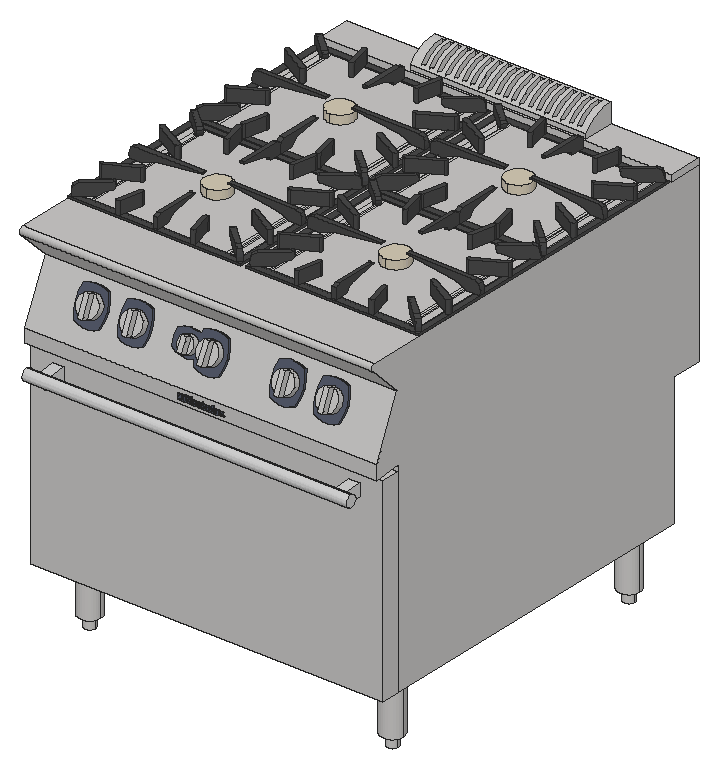
Revit family "QF_ELECTROLUXPROFESSIONAL_391005_E9GCGH4CG0", category Specialty Equipment, Revit 2018 (continued)
Automatic sketch dimensions
  Extrusion 13 sketch curve to Extrusion 1 = 0.775 mm
  Extrusion 1 to Extrusion 13 sketch curve = 0.1 mm
  Extrusion 15 sketch curve to plane 12 = 298.908 mm
  plane 5 "FRONT" to Extrusion 15 sketch curve = 18.336 mm
  Extrusion 15 sketch curve to Extrusion 15 sketch curve = 3.343 mm
  Extrusion 15 sketch curve to Extrusion 15 sketch curve = 2.066 mm
  Extrusion 15 sketch curve to Extrusion 15 sketch curve = 0 mm  (x2)
  Extrusion 15 sketch curve to Extrusion 15 sketch curve = 1.593 mm
  Extrusion 15 sketch curve to Extrusion 15 sketch curve = 5.756 mm
  Extrusion 15 sketch curve to Extrusion 15 sketch curve = 4.906 mm
  Extrusion 15 sketch curve to Extrusion 15 sketch curve = 5.312 mm
  plane 5 "FRONT" to Extrusion 15 sketch curve = 9.206 mm
  Extrusion 15 sketch curve to Extrusion 15 sketch curve = 11.3 mm
  Extrusion 15 sketch curve to Extrusion 15 sketch curve = 28.009 mm
  Extrusion 15 sketch curve to Extrusion 15 sketch curve = 2.83 mm
  Extrusion 16 sketch curve to plane 12 = 298.908 mm
  plane 5 "FRONT" to Extrusion 16 sketch curve = 18.336 mm
  Extrusion 16 sketch curve to Extrusion 16 sketch curve = 3.343 mm
  Extrusion 16 sketch curve to Extrusion 16 sketch curve = 2.066 mm
  Extrusion 16 sketch curve to Extrusion 16 sketch curve = 0 mm  (x2)
  Extrusion 16 sketch curve to Extrusion 16 sketch curve = 1.593 mm
  Extrusion 16 sketch curve to Extrusion 16 sketch curve = 5.756 mm
  Extrusion 16 sketch curve to Extrusion 16 sketch curve = 4.906 mm
  Extrusion 16 sketch curve to Extrusion 16 sketch curve = 5.312 mm
  plane 5 "FRONT" to Extrusion 16 sketch curve = 9.206 mm
  Extrusion 16 sketch curve to Extrusion 16 sketch curve = 11.3 mm
  Extrusion 16 sketch curve to Extrusion 16 sketch curve = 28.009 mm
  Extrusion 16 sketch curve to Extrusion 16 sketch curve = 11.2 mm
  plane 5 "FRONT" to Extrusion 19 sketch curve = 0 mm  (x2)
  plane 1 "BACK" to Extrusion 19 sketch curve = 0 mm
  Extrusion 19 sketch curve to plane 3 "LEFT" = 0 mm
  Extrusion 19 sketch curve to plane 4 "RIGHT" = 0 mm
  Extrusion 19 sketch curve to plane 3 "LEFT" = 100.013 mm
  Extrusion 19 sketch curve to Extrusion 19 sketch curve = 100.013 mm
  Extrusion 19 sketch curve to plane 1 "BACK" = 100.013 mm
  Extrusion 13 to Extrusion 17 sketch curve = 0 mm
  Extrusion 17 sketch curve to Extrusion 13 = 0 mm
  Extrusion 13 to Extrusion 17 sketch curve = 0.002 mm
  Extrusion 13 to Extrusion 17 sketch curve = 9.686 mm
  Extrusion 17 sketch curve to Extrusion 13 = 11.396 mm
  Extrusion 1 sketch curve to plane 5 "FRONT" = 7.973 mm
  Extrusion 1 sketch curve to plane 5 "FRONT" = 13.51 mm
  plane 14 to Extrusion 1 sketch curve = 57.381 mm
  Extrusion 15 sketch curve to plane 5 "FRONT" = 29.472 mm
  Extrusion 16 sketch curve to plane 5 "FRONT" = 29.472 mm
  plane 4 "RIGHT" to Revolve 3 sketch curve = 55.563 mm
  Revolve 3 sketch curve to Revolve 3 sketch curve = 0 mm
  plane 4 "RIGHT" to Revolve 4 sketch curve = 55.562 mm
  Revolve 4 sketch curve to Revolve 4 sketch curve = 0 mm
  Extrusion 9 sketch curve to Extrusion 9 sketch curve = 15.898 mm  (x2)
  plane 3 "LEFT" to Revolve 2 sketch curve = 30.162 mm
  Revolve 2 sketch curve to Revolve 2 sketch curve = 0 mm
  plane 3 "LEFT" to Revolve 5 sketch curve = 55.563 mm
  Revolve 5 sketch curve to Revolve 5 sketch curve = 0 mm
  Revolve 5 sketch curve to Revolve 5 sketch curve = 12.7 mm
  Revolve 5 sketch curve to Revolve 5 sketch curve = 25.4 mm
  Extrusion 9 sketch curve to Extrusion 9 sketch curve = 33.814 mm
  plane 5 "FRONT" to curve 1 = 0 mm
  curve 11 to plane 3 "LEFT" = 0 mm
  curve 8 to plane 4 "RIGHT" = 0 mm
  plane 5 "FRONT" to curve 11 = 0 mm
  curve 1 to plane 3 "LEFT" = 100.013 mm
  plane 4 "RIGHT" to curve 9 = 0.1 mm
  curve 2 to plane 4 "RIGHT" = 100.013 mm
  plane 17 to curve 9 = 0.132 mm
  curve 3 to plane 5 "FRONT" = 0.396 mm
  curve 10 to plane 5 "FRONT" = 1.407 mm
  plane 11 to curve 7 = 4.762 mm
  curve 2 to plane 1 "BACK" = 100.013 mm
  plane 19 to curve 13 = 25.075 mm
  plane 19 to curve 19 = 5.2 mm
  curve 22 to plane 19 = 20.2 mm
  curve 17 to plane 18 = 20.2 mm
  plane 18 to curve 23 = 5.2 mm
  plane 5 "FRONT" to curve 15 = 7.706 mm
  curve 15 to curve 15 = 19.875 mm
  curve 12 to curve 15 = 25.4 mm
  curve 17 to curve 17 = 23.508 mm
  curve 12 to curve 20 = 9.598 mm
  curve 18 to curve 17 = 7.706 mm
  curve 19 to curve 20 = 7.706 mm
  plane 1 "BACK" to curve 24 = 0 mm
  curve 24 to plane 19 = 144 mm
  plane 1 "BACK" to curve 105 = 6.761 mm
  curve 24 to curve 105 = 20.698 mm
  curve 104 to curve 103 = 9.296 mm
  curve 103 to curve 102 = 9.397 mm
  curve 100 to curve 99 = 9.296 mm
  curve 99 to curve 97 = 9.397 mm
  curve 97 to curve 98 = 9.296 mm
  curve 95 to curve 93 = 9.397 mm
  curve 93 to curve 94 = 9.296 mm
  curve 91 to curve 90 = 9.397 mm
  curve 89 to curve 87 = 9.296 mm
  curve 87 to curve 85 = 9.397 mm
  curve 84 to curve 84 = 9.296 mm
  curve 83 to curve 80 = 9.397 mm
  curve 81 to curve 82 = 9.296 mm
  curve 79 to curve 78 = 9.397 mm
  curve 76 to curve 76 = 9.296 mm
  curve 75 to curve 72 = 9.397 mm
  curve 72 to curve 72 = 9.296 mm
  curve 71 to curve 68 = 9.397 mm
  curve 67 to plane 7 "Center Y" = 1.823 mm
  plane 7 "Center Y" to curve 65 = 7.574 mm
  curve 64 to curve 64 = 9.296 mm
  curve 63 to curve 61 = 9.397 mm
  curve 61 to curve 59 = 9.296 mm
  curve 59 to curve 57 = 9.397 mm
  curve 57 to curve 55 = 9.296 mm
  curve 55 to curve 53 = 9.397 mm
  curve 53 to curve 51 = 9.296 mm
  curve 51 to curve 48 = 9.397 mm
  curve 49 to curve 47 = 9.296 mm
  curve 47 to curve 45 = 9.397 mm
  curve 45 to curve 46 = 9.296 mm
  curve 43 to curve 41 = 9.397 mm
  curve 41 to curve 42 = 9.296 mm
  curve 39 to curve 37 = 9.397 mm
  curve 37 to curve 38 = 9.296 mm
  curve 35 to curve 32 = 9.397 mm
  curve 33 to curve 31 = 9.296 mm
  curve 31 to curve 28 = 9.397 mm
  curve 29 to curve 27 = 9.296 mm
  curve 30 to curve 26 = 14.847 mm
  plane 11 to curve 26 = 11.113 mm
  plane 11 to curve 104 = 17.052 mm
  plane 11 to curve 100 = 17.052 mm
  curve 100 to curve 96 = 0 mm
  curve 25 to curve 27 = 5.939 mm
  curve 95 to curve 93 = 0 mm
  curve 31 to curve 28 = 0 mm
  curve 91 to curve 89 = 0 mm
  curve 35 to curve 32 = 0 mm
  curve 87 to curve 85 = 0 mm
  curve 39 to curve 36 = 0 mm
  curve 83 to curve 81 = 0 mm
  curve 43 to curve 40 = 0 mm
  curve 79 to curve 77 = 0 mm
  curve 47 to curve 44 = 0 mm
  curve 75 to curve 73 = 0 mm
  curve 51 to curve 48 = 0 mm
  curve 71 to curve 69 = 0 mm
  curve 55 to curve 52 = 0 mm
  curve 67 to curve 65 = 0 mm
  curve 59 to curve 56 = 0 mm
  plane 1 "BACK" to curve 62 = 6.761 mm
  plane 1 "BACK" to curve 63 = 6.761 mm
  plane 1 "BACK" to curve 58 = 6.761 mm
  plane 1 "BACK" to curve 54 = 6.761 mm
  plane 1 "BACK" to curve 69 = 6.761 mm
  plane 1 "BACK" to curve 71 = 6.761 mm
  plane 1 "BACK" to curve 50 = 6.761 mm
  plane 1 "BACK" to curve 75 = 6.761 mm
  plane 1 "BACK" to curve 46 = 6.761 mm
  plane 1 "BACK" to curve 79 = 6.761 mm
  plane 1 "BACK" to curve 42 = 6.761 mm
  plane 1 "BACK" to curve 38 = 6.761 mm
  plane 1 "BACK" to curve 85 = 6.761 mm
  plane 1 "BACK" to curve 34 = 6.761 mm
  plane 1 "BACK" to curve 89 = 6.761 mm
  plane 1 "BACK" to curve 91 = 6.761 mm
  plane 1 "BACK" to curve 30 = 6.761 mm
  plane 1 "BACK" to curve 95 = 6.761 mm
  plane 1 "BACK" to curve 101 = 6.761 mm
  radius of Extrusion 10 sketch curve = 25.4 mm  (x5)
  radius of Extrusion 10 sketch curve = 19.05 mm
  radius of Extrusion 11 sketch curve to Extrusion 10 = 0 mm  (x6)
  radius of Extrusion 14 sketch curve to Extrusion 16 = 0 mm
  radius of Extrusion 18 sketch curve = 6.4 mm  (x2)
Nested families
  nested 1: "371009_BURNER" at (393.7, -440.488, 0) x (-1, 0, 0) z (0, 0, 1), type "371009_BURNER"
    with Type Mark "", Status "", Specification by User "", Revision Code "", Item Number "", Installed By "", Identify Quantity as Lot yes, Furnished By "", Foodservice Equipment Identifier yes
  nested 2: "371009_BURNER" at (393.7, -440.488, 0) x (-1, 0, 0) z (0, 0, 1), type "371009_BURNER"
    with Type Mark "", Status "", Specification by User "", Revision Code "", Item Number "", Installed By "", Identify Quantity as Lot yes, Furnished By "", Foodservice Equipment Identifier yes
  nested 3: "371009_BURNER" at (406.4, -440.488, 0), type "371009_BURNER"
    with Type Mark "", Status "", Specification by User "", Revision Code "", Item Number "", Installed By "", Identify Quantity as Lot yes, Furnished By "", Foodservice Equipment Identifier yes
  nested 4: "371009_BURNER" at (406.4, -440.488, 0), type "371009_BURNER"
    with Type Mark "", Status "", Specification by User "", Revision Code "", Item Number "", Installed By "", Identify Quantity as Lot yes, Furnished By "", Foodservice Equipment Identifier yes
Connectors
  piping at (749.3, -665.163, 128.587), diameter 12.8
    settings: on Extrusion 18, index 1, connector inside diameter 0.50394", connector length 0 mm, flow factor 0, pipe flow 0 GPM, pressure drop 0.00 psi, fitting loss kfactor 0, connector angle 0.00°, fixture units 0, engagement length 0 mm, angle of deflection 0.00°, flow configuration 1, flow direction 1, fitting loss method 0, system type 7, joint type 0, gender type 0, connector reference index -1, connector utility 0, adjustable connector no, is connector primary yes, connector description "GAS CONNECTION"
Definition of nested family "371009_BURNER"
  Parameters
    Weight in Pounds = 0
    URL Cutsheet = ""
    URL = "www.electrolux.com"
    Type Mark [instance] = ""
    Status [instance] = ""
    Specification by User [instance] = ""
    Specification by Manufacturer = ""
    Show Clearance [instance] = yes
    Serial Number = ""
    Seismic Rating = ""
    SMACNA No = ""
    Revision Code [instance] = ""
    Omniclass Number and Title = ""
    NAFEM Spec ID Number = ""
    Model = "371009"
    Masterspec = ""
    Manufacturer = "ELECTROLUX"
    Item Number [instance] = ""
    Installed By [instance] = ""
    Identify Quantity as Lot [instance] = yes
    Furnished By [instance] = ""
    Foodservice Equipment Identifier [instance] = yes
    Description = ""
    CSI MasterFormat = ""
    CSI Master Format = ""
  Reference planes
    plane 1 "BACK": y = 0
    plane 2: z = 0
    plane 3 "LEFT": x = 0
    plane 4 "RIGHT": x = 393.7
    plane 5 "FRONT": y = -355.6
    plane 6 "TOP": z = 908.85
    plane 7 "Center Y": x = 196.85
    plane 8 "Center X": y = -177.8
    plane 9 "Base": z = 150
    plane 10: z = 850.85
  Forms (mm)
    Extrusion 1, solid
      sketch origin (-6.433, -404.961, 5) x (1, 0, 0) y (0, 0, -1)
        loop
          arc (7.142, -850.85) -> (6.739, -862.989) -> (9.761, -874.752) r 42.809
          line (9.761, -874.752) -> (19.961, -879.425) -> (173.122, -879.425)
          arc (173.122, -879.425) -> (174.316, -878.312) -> (173.289, -877.043) r 1.197
          line (173.289, -877.043) -> (64.848, -864.021)
          arc (64.848, -864.021) -> (50.111, -858.738) -> (36.589, -850.85) r 85.245
          line (36.589, -850.85) -> (7.142, -850.85)
        loop
          line (399.424, -850.85) -> (369.977, -850.85)
          arc (369.977, -850.85) -> (356.455, -858.738) -> (341.718, -864.021) r 85.245
          line (341.718, -864.021) -> (233.277, -877.043)
          arc (233.277, -877.043) -> (232.25, -878.312) -> (233.444, -879.425) r 1.197
          line (233.444, -879.425) -> (386.605, -879.425) -> (396.806, -874.752)
          arc (396.806, -874.752) -> (399.827, -862.989) -> (399.424, -850.85) r 42.809
      from 224.564 to 234.564
    Extrusion 2, solid
      sketch origin (196.85, 175.397, 1219.2) x (0, 1, 0) y (0, 0, 1)
        loop
          line (-204.463, -363.35) -> (-175.397, -363.35) -> (-175.397, -339.506)
          arc (-175.397, -339.506) -> (-181.025, -338.266) -> (-185.611, -334.775) r 13.39
          line (-185.611, -334.775) -> (-278.903, -334.775)
          arc (-278.903, -334.775) -> (-280.097, -335.888) -> (-279.07, -337.157) r 1.197
          line (-279.07, -337.157) -> (-227.151, -347.464)
          arc (-227.151, -347.464) -> (-213.741, -352.457) -> (-204.463, -363.35) r 28.426
        loop
          arc (-496.332, -363.35) -> (-487.053, -352.457) -> (-473.644, -347.464) r 28.426
          line (-473.644, -347.464) -> (-421.725, -337.157)
          arc (-421.725, -337.157) -> (-420.697, -335.888) -> (-421.891, -334.775) r 1.197
          line (-421.891, -334.775) -> (-515.184, -334.775)
          arc (-515.184, -334.775) -> (-519.769, -338.266) -> (-525.397, -339.506) r 13.39
          line (-525.397, -339.506) -> (-525.397, -363.35) -> (-496.332, -363.35)
      from -5 to 5
    Extrusion 3, solid
      sketch origin (-6.433, 367.064, 850.85) x (0, -1, 0) y (1, 0, 0)
        loop
          line (722.664, 6.433) -> (722.664, 400.133) -> (367.064, 400.133) -> (367.064, 6.433) -> (722.664, 6.433)
        loop
          line (382.064, 21.433) -> (707.664, 21.433) -> (707.664, 385.133) -> (382.064, 385.133) -> (382.064, 21.433)
      from 0 to 5
    Extrusion 4, solid
      sketch origin (-18.933, 367.064, 855.85) x (0, -1, 0) y (1, 0, 0)
        loop
          circle (541.667, 215.783) r 30
      from -1.321 to 17.134
    Extrusion 5, solid
      sketch origin (-6.433, -367.064, 0) x (1, 0, 0) y (0, 0, -1)
        loop
          line (21.433, -855.85) -> (36.589, -855.85)
          arc (36.589, -855.85) -> (40.561, -855.243) -> (44.305, -853.783) r 18.259
          arc (44.305, -853.783) -> (45.997, -853.366) -> (47.69, -853.783) r 3.649
          arc (47.69, -853.783) -> (49.901, -854.522) -> (52.232, -854.529) r 7.328
          line (52.232, -854.529) -> (354.334, -854.529)
          arc (354.334, -854.529) -> (356.666, -854.522) -> (358.877, -853.783) r 7.328
          arc (358.877, -853.783) -> (360.569, -853.366) -> (362.261, -853.783) r 3.649
          arc (362.261, -853.783) -> (366.005, -855.243) -> (369.977, -855.85) r 18.259
          line (369.977, -855.85) -> (385.133, -855.85) -> (385.133, -850.85) -> (21.433, -850.85) -> (21.433, -855.85)
      from 26.464 to 352.064
    Extrusion 6, solid
      sketch origin (83.284, -458.334, 5) x (0.742103, 0.670286, 0) y (0, 0, -1)
        loop
          arc (88.629, -864.012) -> (73.909, -858.731) -> (60.402, -850.85) r 85.245
          line (60.402, -850.85) -> (14.993, -850.85)
          arc (14.993, -850.85) -> (14.642, -862.948) -> (17.686, -874.663) r 42.876
          line (17.686, -874.663) -> (27.899, -879.425) -> (89.664, -879.425)
          arc (89.664, -879.425) -> (92.39, -878.352) -> (93.654, -875.709) r 4
          arc (93.654, -875.709) -> (92.562, -869.25) -> (88.629, -864.012) r 13.87
        loop
          arc (457.638, -864.012) -> (453.704, -869.25) -> (452.613, -875.709) r 13.87
          arc (452.613, -875.709) -> (453.876, -878.352) -> (456.603, -879.425) r 4
          line (456.603, -879.425) -> (518.367, -879.425) -> (528.581, -874.663)
          arc (528.581, -874.663) -> (531.624, -862.948) -> (531.273, -850.85) r 42.876
          line (531.273, -850.85) -> (485.865, -850.85)
          arc (485.865, -850.85) -> (472.357, -858.731) -> (457.638, -864.012) r 85.245
      from 127.064 to 137.064
    Extrusion 7, solid
      sketch origin (310.416, -458.334, 5) x (-0.742103, 0.670286, 0) y (0, 0, 1)
        loop
          arc (88.629, 864.012) -> (92.562, 869.25) -> (93.654, 875.709) r 13.87
          arc (93.654, 875.709) -> (92.39, 878.352) -> (89.664, 879.425) r 4
          line (89.664, 879.425) -> (27.899, 879.425) -> (17.686, 874.663)
          arc (17.686, 874.663) -> (14.642, 862.948) -> (14.993, 850.85) r 42.876
          line (14.993, 850.85) -> (60.402, 850.85)
          arc (60.402, 850.85) -> (73.909, 858.731) -> (88.629, 864.012) r 85.245
        loop
          arc (457.638, 864.012) -> (472.357, 858.731) -> (485.865, 850.85) r 85.245
          line (485.865, 850.85) -> (531.273, 850.85)
          arc (531.273, 850.85) -> (531.624, 862.948) -> (528.581, 874.663) r 42.876
          line (528.581, 874.663) -> (518.367, 879.425) -> (456.603, 879.425)
          arc (456.603, 879.425) -> (453.876, 878.352) -> (452.613, 875.709) r 4
          arc (452.613, 875.709) -> (453.704, 869.25) -> (457.638, 864.012) r 13.87
      from 127.064 to 137.064
    Extrusion 8, solid
      sketch origin (-6.433, 367.064, 855.85) x (0, -1, 0) y (1, 0, 0)
        loop
          arc (626.166, 9.428) -> (632.956, 7.454) -> (634.93, 14.244) r 5
          line (634.93, 14.244) -> (600.514, 76.878)
          arc (600.514, 76.878) -> (593.724, 78.852) -> (591.75, 72.062) r 5
          line (591.75, 72.062) -> (626.166, 9.428)
        loop
          line (463.562, 9.428) -> (497.977, 72.062)
          arc (497.977, 72.062) -> (496.003, 78.852) -> (489.213, 76.878) r 5
          line (489.213, 76.878) -> (454.798, 14.244)
          arc (454.798, 14.244) -> (456.772, 7.454) -> (463.562, 9.428) r 5
        loop
          line (626.166, 397.138) -> (591.75, 334.504)
          arc (591.75, 334.504) -> (593.724, 327.714) -> (600.514, 329.689) r 5
          line (600.514, 329.689) -> (634.93, 392.323)
          arc (634.93, 392.323) -> (632.956, 399.113) -> (626.166, 397.138) r 5
        loop
          arc (463.562, 397.138) -> (456.772, 399.113) -> (454.798, 392.323) r 5
          line (454.798, 392.323) -> (489.213, 329.689)
          arc (489.213, 329.689) -> (496.003, 327.714) -> (497.977, 334.504) r 5
          line (497.977, 334.504) -> (463.562, 397.138)
        loop
          line (715.14, 293.499) -> (666.703, 282.317)
          arc (666.703, 282.317) -> (662.956, 276.32) -> (668.953, 272.573) r 5
          line (668.953, 272.573) -> (717.389, 283.756)
          arc (717.389, 283.756) -> (721.136, 289.752) -> (715.14, 293.499) r 5
        loop
          arc (715.14, 113.067) -> (721.136, 116.814) -> (717.389, 122.811) r 5
          line (717.389, 122.811) -> (668.953, 133.993)
          arc (668.953, 133.993) -> (662.956, 130.246) -> (666.703, 124.249) r 5
          line (666.703, 124.249) -> (715.14, 113.067)
        loop
          arc (374.588, 293.499) -> (368.591, 289.752) -> (372.338, 283.756) r 5
          line (372.338, 283.756) -> (420.775, 272.573)
          arc (420.775, 272.573) -> (426.771, 276.32) -> (423.024, 282.317) r 5
          line (423.024, 282.317) -> (374.588, 293.499)
        loop
          line (374.588, 113.067) -> (423.024, 124.249)
          arc (423.024, 124.249) -> (426.771, 130.246) -> (420.775, 133.993) r 5
          line (420.775, 133.993) -> (372.338, 122.811)
          arc (372.338, 122.811) -> (368.591, 116.814) -> (374.588, 113.067) r 5
      from 0 to 28.575
  Lines and regions (mm)
    symbolic lines
      curve 1: line (0, -355.6, 150) -> (393.7, -355.6, 150)
      curve 2: line (0, 0, 150) -> (0, -355.6, 150)
      curve 3: line (393.7, -355.6, 150) -> (393.7, 0, 150)
      curve 4: line (369.633, -15, 150) -> (285.34, -15, 150)
      curve 5: line (24.067, -340.6, 150) -> (108.36, -340.6, 150)
      curve 6: line (157.475, -170.397, 150) -> (157.475, -15, 150)
      curve 7: line (236.225, -170.397, 150) -> (236.225, -15, 150)
      curve 8: line (201.85, -350, 150) -> (201.85, -176.674, 150)
      curve 9: line (0, -180.397, 150) -> (167.224, -180.397, 150)
      curve 10: line (393.7, -170.397, 150) -> (228.275, -170.397, 150)
      curve 11: line (15, -180.397, 150) -> (15, -252.506, 150)
      curve 12: line (45.799, -340.6, 150) -> (45.799, -320.971, 150)
      curve 13: line (167.224, -170.397, 150) -> (0, -170.397, 150)
      curve 14: line (228.275, -180.504, 150) -> (393.7, -180.504, 150)
      curve 15: arc (228.275, -170.397, 150) -> (223.221, -175.45, 150) -> (228.275, -180.504, 150) r 5.054
      curve 16: arc (167.224, -170.397, 150) -> (172.224, -175.397, 150) -> (167.224, -180.397, 150) r 5
      curve 17: line (191.85, -176.674, 150) -> (191.85, -350, 150)
      curve 18: line (201.85, -134.556, 150) -> (201.85, -0.794, 150)
      curve 19: arc (201.85, -176.674, 150) -> (196.85, -171.674, 150) -> (191.85, -176.674, 150) r 5
      curve 20: arc (201.85, -134.556, 150) -> (196.85, -139.556, 150) -> (191.85, -134.556, 150) r 5
      curve 21: line (191.85, -15, 150) -> (118.623, -15, 150)
      curve 22: arc (201.85, -29.042, 150) -> (213.272, -50.008, 150) -> (201.85, -70.973, 150) r 24.953
      curve 23: arc (213.086, -53.048, 150) -> (214.5, -50.008, 150) -> (213.086, -46.967, 150) r 3.975
      curve 24: arc (191.85, -29.852, 150) -> (181.339, -50.008, 150) -> (191.85, -70.163, 150) r 24.58
      curve 25: arc (181.527, -53.042, 150) -> (179.976, -50.008, 150) -> (181.527, -46.973, 150) r 3.745
      curve 26: line (191.85, -0.794, 150) -> (191.85, -134.556, 150)
      curve 27: line (191.85, -350, 150) -> (201.85, -350, 150)
      curve 28: line (191.85, -11.007, 150) -> (201.85, -11.007, 150)
      curve 29: line (191.85, -0.794, 150) -> (201.85, -0.794, 150)
      curve 30: line (201.85, -340.6, 150) -> (275.077, -340.6, 150)
      curve 31: arc (196.85, -145.397, 0) -> (166.955, -172.888, 0) -> (191.85, -204.977, 0) r 30
      curve 32: arc (201.85, -204.977, 0) -> (226.745, -172.888, 0) -> (196.85, -145.397, 0) r 30
      curve 33: arc (158.678, -180.397, 0) -> (170.734, -200.207, 0) -> (191.85, -209.795, 0) r 39.375
      curve 34: line (163.825, -170.397, 150) -> (163.825, -15, 150)
      curve 35: line (229.875, -170.397, 150) -> (229.875, -15, 150)
      curve 36: line (144.775, -170.397, 150) -> (144.775, -15, 150)
      curve 37: line (248.925, -170.397, 150) -> (248.925, -15, 150)
      curve 38: arc (145.678, -180.397, 0) -> (161.728, -209.187, 0) -> (191.85, -222.573, 0) r 52.075
      curve 39: arc (201.85, -209.795, 0) -> (222.966, -200.207, 0) -> (235.022, -180.397, 0) r 39.375
      curve 40: arc (201.85, -222.573, 0) -> (231.931, -209.224, 0) -> (248.001, -180.504, 0) r 52.075
      curve 41: line (393.7, 0, 0) -> (0, 0, 0)
      curve 42: line (70.445, -122.149, 0) -> (7.81, -87.734, 0)
      curve 43: arc (7.81, -87.734, 0) -> (1.021, -89.708, 0) -> (2.995, -96.498, 0) r 5
      curve 44: line (2.995, -96.498, 0) -> (65.629, -130.914, 0)
      curve 45: arc (65.629, -130.914, 0) -> (72.419, -128.939, 0) -> (70.445, -122.149, 0) r 5
      curve 46: line (65.629, -224.686, 0) -> (2.995, -259.102, 0)
      curve 47: arc (2.995, -259.102, 0) -> (1.021, -265.892, 0) -> (7.81, -267.866, 0) r 5
      curve 48: line (7.81, -267.866, 0) -> (70.445, -233.451, 0)
      curve 49: arc (70.445, -233.451, 0) -> (72.419, -226.661, 0) -> (65.629, -224.686, 0) r 5
      curve 50: line (323.255, -122.149, 0) -> (385.89, -87.734, 0)
      curve 51: arc (385.89, -87.734, 0) -> (392.679, -89.708, 0) -> (390.705, -96.498, 0) r 5
      curve 52: line (390.705, -96.498, 0) -> (328.071, -130.914, 0)
      curve 53: arc (328.071, -130.914, 0) -> (321.281, -128.939, 0) -> (323.255, -122.149, 0) r 5
      curve 54: line (328.071, -224.686, 0) -> (390.705, -259.102, 0)
      curve 55: arc (390.705, -259.102, 0) -> (392.679, -265.892, 0) -> (385.89, -267.866, 0) r 5
      curve 56: line (385.89, -267.866, 0) -> (323.255, -233.451, 0)
      curve 57: arc (323.255, -233.451, 0) -> (321.281, -226.661, 0) -> (328.071, -224.686, 0) r 5
      curve 58: line (118.623, -340.6, 150) -> (191.85, -340.6, 150)
      curve 59: line (285.34, -340.6, 150) -> (369.633, -340.6, 150)
      curve 60: line (378.7, -335.314, 0) -> (378.7, -263.916, 0)
      curve 61: line (1.326, -7.935, 0) -> (58.752, -59.804, 0)
      curve 62: line (65.455, -52.383, 0) -> (8.029, -0.514, 0)
      curve 63: arc (58.752, -59.804, 0) -> (65.814, -59.445, 0) -> (65.455, -52.383, 0) r 5
      curve 64: line (1.326, -7.935, 0) -> (8.029, -0.514, 0)
      curve 65: line (392.374, -7.935, 0) -> (334.948, -59.804, 0)
      curve 66: line (328.245, -52.383, 0) -> (385.671, -0.514, 0)
      curve 67: arc (334.948, -59.804, 0) -> (327.886, -59.445, 0) -> (328.245, -52.383, 0) r 5
      curve 68: line (392.374, -7.935, 0) -> (385.671, -0.514, 0)
      curve 69: line (392.374, -347.665, 0) -> (334.948, -295.796, 0)
      curve 70: line (328.245, -303.217, 0) -> (385.671, -355.086, 0)
      curve 71: arc (334.948, -295.796, 0) -> (327.886, -296.155, 0) -> (328.245, -303.217, 0) r 5
      curve 72: line (392.374, -347.665, 0) -> (385.671, -355.086, 0)
      curve 73: line (1.326, -347.665, 0) -> (58.752, -295.796, 0)
      curve 74: line (65.455, -303.217, 0) -> (8.029, -355.086, 0)
      curve 75: arc (58.752, -295.796, 0) -> (65.814, -296.155, 0) -> (65.455, -303.217, 0) r 5
      curve 76: line (1.326, -347.665, 0) -> (8.029, -355.086, 0)
      curve 77: line (347.901, -15, 0) -> (347.901, -34.629, 0)
      curve 78: line (347.901, -320.971, 0) -> (347.901, -340.6, 0)
      curve 79: line (378.7, -252.506, 0) -> (378.7, -180.397, 0)
      curve 80: line (347.901, -246.993, 0) -> (347.901, -307.496, 0)
      curve 81: line (378.7, -170.397, 0) -> (378.7, -103.094, 0)
      curve 82: line (347.901, -180.397, 0) -> (347.901, -235.582, 0)
      curve 83: line (378.7, -91.684, 0) -> (378.7, -20.286, 0)
      curve 84: line (347.901, -120.018, 0) -> (347.901, -170.397, 0)
      curve 85: line (347.901, -48.104, 0) -> (347.901, -108.607, 0)
      curve 86: line (275.077, -15, 150) -> (201.85, -15, 150)
      curve 87: line (108.36, -15, 150) -> (24.067, -15, 150)
      curve 88: line (45.799, -40, 150) -> (45.799, -15, 150)
      curve 89: line (45.799, -108.607, 150) -> (45.799, -40, 150)
      curve 90: line (15, -20.286, 0) -> (15, -91.684, 0)
      curve 91: line (15, -103.094, 0) -> (15, -170.397, 0)
      curve 92: line (45.799, -170.397, 150) -> (45.799, -120.018, 150)
      curve 93: line (45.799, -235.582, 150) -> (45.799, -180.397, 150)
      curve 94: line (15, -263.916, 150) -> (15, -335.314, 150)
      curve 95: line (45.799, -307.496, 150) -> (45.799, -246.993, 150)
      curve 96: line (116.378, -350.325, 0) -> (127.56, -301.889, 0)
      curve 97: arc (127.56, -301.889, 0) -> (123.813, -295.892, 0) -> (117.816, -299.64, 0) r 5
      curve 98: line (117.816, -299.64, 0) -> (106.634, -348.076, 0)
      curve 99: arc (106.634, -348.076, 0) -> (110.381, -354.072, 0) -> (116.378, -350.325, 0) r 5
      curve 100: line (266.14, -301.889, 0) -> (277.322, -350.325, 0)
      curve 101: arc (277.322, -350.325, 0) -> (283.319, -354.072, 0) -> (287.066, -348.076, 0) r 5
      curve 102: line (287.066, -348.076, 0) -> (275.884, -299.64, 0)
      curve 103: arc (275.884, -299.64, 0) -> (269.887, -295.892, 0) -> (266.14, -301.889, 0) r 5
      curve 104: line (275.884, -55.96, 0) -> (287.066, -7.524, 0)
      curve 105: arc (287.066, -7.524, 0) -> (283.319, -1.528, 0) -> (277.322, -5.275, 0) r 5
      curve 106: line (277.322, -5.275, 0) -> (266.14, -53.711, 0)
      curve 107: arc (266.14, -53.711, 0) -> (269.887, -59.708, 0) -> (275.884, -55.96, 0) r 5
      curve 108: line (127.56, -53.711, 0) -> (116.378, -5.275, 0)
      curve 109: arc (116.378, -5.275, 0) -> (110.381, -1.528, 0) -> (106.634, -7.524, 0) r 5
      curve 110: line (106.634, -7.524, 0) -> (117.816, -55.96, 0)
      curve 111: arc (117.816, -55.96, 0) -> (123.813, -59.708, 0) -> (127.56, -53.711, 0) r 5
  Dimensions and locks
    equal spacing: plane 3 "LEFT", plane 7 "Center Y", plane 4 "RIGHT"
    plane 3 "LEFT" to plane 4 "RIGHT" = 393.7 mm
    equal spacing: plane 5 "FRONT", plane 8 "Center X", plane 1 "BACK"
    plane 5 "FRONT" to plane 1 "BACK" = 355.6 mm
    plane 6 "TOP" to level = 908.85 mm
    plane 9 "Base" to level = 150 mm
    plane 6 "TOP" to plane 10 = 58 mm  (x2)
    locked: Extrusion 4 sketch curve to plane 7 "Center Y" at 0
    aligned and locked: level to plane 2
  Automatic sketch dimensions
    curve 10 to plane 4 "RIGHT" = 0 mm
    curve 20 to plane 7 "Center Y" = 0 mm
    curve 19 to plane 7 "Center Y" = 0 mm
    curve 9 to plane 3 "LEFT" = 0 mm
    plane 1 "BACK" to curve 2 = 0 mm
    plane 1 "BACK" to curve 3 = 0 mm
    plane 5 "FRONT" to curve 2 = 0 mm
    curve 4 to plane 4 "RIGHT" = 24.067 mm
    curve 59 to plane 4 "RIGHT" = 24.067 mm
    plane 1 "BACK" to curve 37 = 15 mm
    plane 7 "Center Y" to curve 37 = 52.075 mm
    curve 37 to curve 7 = 12.7 mm
    curve 7 to curve 35 = 6.35 mm
    plane 8 "Center X" to curve 15 = 2.35 mm
    curve 35 to curve 15 = 1.6 mm
    plane 7 "Center Y" to curve 23 = 16.236 mm
    curve 23 to curve 23 = 0 mm
    curve 23 to curve 23 = 2.56 mm
    curve 23 to curve 24 = 4.607 mm
    plane 7 "Center Y" to curve 86 = 5 mm
    plane 7 "Center Y" to curve 27 = 5 mm
    curve 22 to plane 7 "Center Y" = 8.531 mm
    curve 22 to curve 25 = 4.597 mm
    curve 25 to curve 25 = 2.194 mm  (x2)
    curve 9 to plane 8 "Center X" = 2.597 mm
    curve 17 to curve 9 = 24.626 mm
    curve 21 to curve 34 = 28.025 mm
    curve 34 to curve 6 = 6.35 mm
    plane 8 "Center X" to curve 36 = 7.403 mm
    curve 6 to curve 36 = 12.7 mm
    plane 3 "LEFT" to curve 12 = 45.799 mm
    plane 3 "LEFT" to curve 87 = 24.067 mm
    plane 3 "LEFT" to curve 5 = 24.067 mm
    plane 1 "BACK" to curve 26 = 0.794 mm
    curve 28 to curve 86 = 3.993 mm
    curve 28 to curve 21 = 3.993 mm
    curve 86 to curve 22 = 14.042 mm
    curve 22 to curve 24 = 0.81 mm
    curve 22 to curve 23 = 17.925 mm
    curve 25 to curve 22 = 3.035 mm
    plane 8 "Center X" to curve 26 = 43.244 mm
    curve 15 to curve 15 = 5.054 mm
    plane 8 "Center X" to curve 17 = 1.126 mm
    curve 94 to curve 12 = 5.286 mm
    curve 58 to plane 5 "FRONT" = 15 mm
    curve 59 to plane 5 "FRONT" = 15 mm
    curve 8 to plane 5 "FRONT" = 5.6 mm
    plane 3 "LEFT" to Extrusion 1 sketch curve = 0.709 mm
    plane 3 "LEFT" to Extrusion 1 sketch curve = 3.327 mm
    Extrusion 1 sketch curve to Extrusion 1 sketch curve = 10.201 mm
    plane 10 to Extrusion 1 sketch curve = 5 mm  (x2)
    Extrusion 1 sketch curve to Extrusion 1 sketch curve = 29.447 mm
    Extrusion 1 sketch curve to Extrusion 1 sketch curve = 12.704 mm  (x2)
    Extrusion 1 sketch curve to Extrusion 1 sketch curve = 15.555 mm  (x2)
    plane 3 "LEFT" to Extrusion 1 sketch curve = 79.689 mm
    Extrusion 1 sketch curve to plane 7 "Center Y" = 30.161 mm
    Extrusion 1 sketch curve to Extrusion 1 sketch curve = 0.167 mm  (x2)
    plane 7 "Center Y" to Extrusion 1 sketch curve = 29.994 mm
    Extrusion 1 sketch curve to plane 4 "RIGHT" = 79.689 mm
    plane 10 to Extrusion 1 sketch curve = 18.171 mm
    Extrusion 1 sketch curve to plane 4 "RIGHT" = 58.415 mm
    Extrusion 1 sketch curve to plane 4 "RIGHT" = 13.528 mm
    Extrusion 1 sketch curve to plane 4 "RIGHT" = 3.327 mm
    Extrusion 1 sketch curve to plane 4 "RIGHT" = 0.709 mm
    Extrusion 1 sketch curve to Extrusion 1 sketch curve = 23.902 mm  (x2)
    Extrusion 1 sketch curve to plane 6 "TOP" = 26.807 mm  (x2)
    Extrusion 1 sketch curve to Extrusion 1 sketch curve = 1.185 mm  (x2)
    Extrusion 1 sketch curve to Extrusion 1 sketch curve = 5.694 mm
    Extrusion 2 sketch curve to plane 1 "BACK" = 0 mm
    plane 1 "BACK" to Extrusion 2 sketch curve = 10.213 mm
    plane 10 to Extrusion 2 sketch curve = 5 mm  (x2)
    plane 1 "BACK" to Extrusion 2 sketch curve = 29.066 mm
    plane 10 to Extrusion 2 sketch curve = 20.886 mm
    Extrusion 2 sketch curve to Extrusion 2 sketch curve = 22.688 mm  (x2)
    Extrusion 2 sketch curve to plane 10 = 7.392 mm  (x2)
    Extrusion 2 sketch curve to plane 6 "TOP" = 24.425 mm
    Extrusion 2 sketch curve to Extrusion 2 sketch curve = 51.752 mm
    Extrusion 2 sketch curve to plane 6 "TOP" = 26.807 mm  (x2)
    Extrusion 2 sketch curve to Extrusion 2 sketch curve = 0.167 mm  (x2)
    Extrusion 2 sketch curve to plane 8 "Center X" = 68.528 mm
    Extrusion 2 sketch curve to plane 5 "FRONT" = 60.248 mm
    Extrusion 2 sketch curve to Extrusion 2 sketch curve = 2.895 mm
    Extrusion 2 sketch curve to plane 5 "FRONT" = 15.813 mm
    Extrusion 2 sketch curve to plane 5 "FRONT" = 5.6 mm
    Extrusion 2 sketch curve to Extrusion 2 sketch curve = 4.731 mm
    Extrusion 2 sketch curve to Extrusion 2 sketch curve = 23.844 mm
    Extrusion 2 sketch curve to Extrusion 2 sketch curve = 1.185 mm
    plane 1 "BACK" to Extrusion 3 sketch curve = 0 mm
    Extrusion 3 sketch curve to plane 3 "LEFT" = 0 mm
    plane 5 "FRONT" to Extrusion 3 sketch curve = 0 mm
    Extrusion 3 sketch curve to plane 4 "RIGHT" = 0 mm
    plane 1 "BACK" to Extrusion 3 sketch curve = 15 mm
    Extrusion 3 sketch curve to plane 5 "FRONT" = 15 mm
    plane 3 "LEFT" to Extrusion 3 sketch curve = 15 mm
    Extrusion 3 sketch curve to plane 4 "RIGHT" = 15 mm
    Extrusion 3 to Extrusion 4 sketch curve = 159.603 mm
    Extrusion 5 sketch curve to plane 10 = 0 mm
    plane 3 "LEFT" to Extrusion 5 sketch curve = 15 mm
    Extrusion 5 sketch curve to Extrusion 5 sketch curve = 14.402 mm
    plane 10 to Extrusion 5 sketch curve = 5 mm
    Extrusion 5 sketch curve to Extrusion 5 sketch curve = 15.156 mm
    plane 10 to Extrusion 5 sketch curve = 2.933 mm  (x3)
    Extrusion 5 sketch curve to Extrusion 5 sketch curve = 7.716 mm  (x2)
    Extrusion 5 sketch curve to Extrusion 5 sketch curve = 0 mm  (x3)
    Extrusion 5 sketch curve to Extrusion 5 sketch curve = 1.692 mm  (x2)
    Extrusion 5 sketch curve to Extrusion 5 sketch curve = 3.385 mm  (x2)
    Extrusion 5 sketch curve to plane 10 = 3.559 mm  (x2)
    plane 10 to Extrusion 5 sketch curve = 3.679 mm
    Extrusion 5 sketch curve to plane 4 "RIGHT" = 45.799 mm
    Extrusion 5 sketch curve to Extrusion 5 sketch curve = 1.143 mm
    Extrusion 5 sketch curve to plane 10 = 13.244 mm
    Extrusion 5 sketch curve to plane 4 "RIGHT" = 15 mm
    plane 10 to Extrusion 6 sketch curve = 5 mm  (x2)
    Extrusion 6 sketch curve to Extrusion 6 sketch curve = 2.692 mm  (x2)
    Extrusion 6 sketch curve to Extrusion 6 sketch curve = 10.213 mm  (x2)
    plane 10 to Extrusion 6 sketch curve = 12.281 mm
    Extrusion 6 sketch curve to Extrusion 6 sketch curve = 29.348 mm  (x2)
    Extrusion 6 sketch curve to Extrusion 6 sketch curve = 3.155 mm  (x2)
    Extrusion 6 sketch curve to Extrusion 6 sketch curve = 22.572 mm
    Extrusion 6 sketch curve to Extrusion 6 sketch curve = 8.81 mm
    Extrusion 6 sketch curve to Extrusion 6 sketch curve = 9.845 mm  (x2)
    Extrusion 6 sketch curve to Extrusion 6 sketch curve = 3.99 mm  (x2)
    Extrusion 6 sketch curve to Extrusion 6 sketch curve = 0 mm  (x2)
    Extrusion 6 sketch curve to Extrusion 6 sketch curve = 49.533 mm
    Extrusion 6 sketch curve to plane 10 = 64.377 mm
    Extrusion 6 sketch curve to Extrusion 6 sketch curve = 326.397 mm
    Extrusion 6 sketch curve to plane 6 "TOP" = 28.141 mm
    Extrusion 6 sketch curve to Extrusion 6 sketch curve = 16.281 mm
    Extrusion 6 sketch curve to Extrusion 6 sketch curve = 1.035 mm
    Extrusion 6 sketch curve to Extrusion 6 sketch curve = 19.417 mm
    Extrusion 6 sketch curve to Extrusion 6 sketch curve = 4.763 mm  (x2)
    Extrusion 6 sketch curve to Extrusion 6 sketch curve = 3.716 mm
    plane 10 to Extrusion 7 sketch curve = 5 mm  (x2)
    Extrusion 7 sketch curve to Extrusion 7 sketch curve = 2.692 mm  (x2)
    Extrusion 7 sketch curve to Extrusion 7 sketch curve = 10.213 mm  (x2)
    plane 10 to Extrusion 7 sketch curve = 12.281 mm
    Extrusion 7 sketch curve to Extrusion 7 sketch curve = 29.348 mm  (x2)
    Extrusion 7 sketch curve to Extrusion 7 sketch curve = 3.155 mm  (x2)
    Extrusion 7 sketch curve to Extrusion 7 sketch curve = 22.572 mm
    Extrusion 7 sketch curve to Extrusion 7 sketch curve = 8.81 mm
    Extrusion 7 sketch curve to Extrusion 7 sketch curve = 9.845 mm  (x2)
    Extrusion 7 sketch curve to Extrusion 7 sketch curve = 3.99 mm  (x2)
    Extrusion 7 sketch curve to Extrusion 7 sketch curve = 0 mm  (x2)
    Extrusion 7 sketch curve to Extrusion 7 sketch curve = 21.306 mm
    Extrusion 7 sketch curve to plane 10 = 64.377 mm  (x2)
    Extrusion 7 sketch curve to Extrusion 7 sketch curve = 326.397 mm
    Extrusion 7 sketch curve to plane 6 "TOP" = 28.141 mm
    Extrusion 7 sketch curve to Extrusion 7 sketch curve = 16.281 mm
    Extrusion 7 sketch curve to Extrusion 7 sketch curve = 1.035 mm
    Extrusion 7 sketch curve to Extrusion 7 sketch curve = 19.417 mm
    Extrusion 7 sketch curve to Extrusion 7 sketch curve = 7.281 mm
    Extrusion 7 sketch curve to Extrusion 7 sketch curve = 10.713 mm
    curve 58 to curve 12 = 72.824 mm
    curve 30 to curve 30 = 73.227 mm
    curve 58 to curve 5 = 10.263 mm
    curve 5 to curve 58 = 0 mm
    curve 59 to curve 30 = 10.263 mm
    curve 30 to curve 8 = 9.4 mm
    curve 31 to curve 32 = 0 mm
    curve 33 to curve 38 = 0 mm  (x2)
    curve 33 to curve 39 = 0 mm  (x2)
    curve 33 to curve 40 = 0 mm  (x2)
    plane 1 "BACK" to curve 41 = 0 mm
    curve 41 to plane 3 "LEFT" = 0 mm
    curve 31 to plane 7 "Center Y" = 0 mm
    curve 33 to plane 7 "Center Y" = 0 mm
    curve 41 to plane 4 "RIGHT" = 0 mm
    plane 3 "LEFT" to curve 76 = 1.326 mm
    plane 3 "LEFT" to curve 64 = 1.326 mm
    plane 3 "LEFT" to curve 44 = 2.995 mm
    plane 3 "LEFT" to curve 46 = 2.995 mm
    curve 43 to curve 43 = 2.408 mm
    curve 46 to curve 47 = 2.408 mm
    curve 47 to curve 47 = 2.408 mm
    curve 43 to curve 42 = 2.408 mm
    curve 76 to plane 5 "FRONT" = 0.514 mm
    plane 3 "LEFT" to curve 76 = 8.029 mm
    plane 1 "BACK" to curve 62 = 0.514 mm
    plane 3 "LEFT" to curve 62 = 8.029 mm
    curve 48 to curve 75 = 50.941 mm
    curve 43 to curve 63 = 50.941 mm
    curve 75 to curve 75 = 3.351 mm
    curve 63 to curve 63 = 3.351 mm
    plane 1 "BACK" to curve 62 = 52.383 mm
    curve 63 to curve 62 = 3.351 mm
    curve 74 to plane 5 "FRONT" = 52.383 mm
    curve 75 to curve 74 = 3.351 mm
    plane 3 "LEFT" to curve 46 = 65.629 mm
    plane 3 "LEFT" to curve 44 = 65.629 mm
    curve 45 to curve 45 = 2.408 mm
    curve 46 to curve 49 = 2.408 mm
    curve 49 to curve 48 = 2.408 mm
    curve 45 to curve 42 = 2.408 mm
    curve 38 to plane 8 "Center X" = 2.597 mm
    curve 38 to plane 7 "Center Y" = 51.172 mm
    curve 33 to plane 8 "Center X" = 2.597 mm
    curve 38 to curve 33 = 12.999 mm
    curve 33 to plane 7 "Center Y" = 5 mm
    curve 38 to plane 7 "Center Y" = 5 mm
    curve 31 to curve 33 = 0 mm
    plane 7 "Center Y" to curve 32 = 5 mm
    plane 7 "Center Y" to curve 40 = 5 mm
    curve 39 to curve 32 = 0 mm
    curve 39 to plane 8 "Center X" = 2.597 mm
    plane 7 "Center Y" to curve 39 = 38.172 mm
    curve 40 to plane 8 "Center X" = 2.704 mm
    curve 39 to curve 40 = 12.979 mm
    curve 50 to plane 4 "RIGHT" = 70.445 mm
    curve 57 to plane 4 "RIGHT" = 70.445 mm
    curve 50 to curve 53 = 2.408 mm
    curve 57 to curve 57 = 2.408 mm  (x2)
    curve 53 to curve 53 = 2.408 mm
    curve 71 to curve 71 = 3.351 mm
    curve 67 to curve 67 = 3.351 mm
    curve 71 to curve 69 = 3.351 mm
    curve 67 to curve 65 = 3.351 mm
    curve 60 to plane 4 "RIGHT" = 15 mm
    curve 72 to plane 5 "FRONT" = 0.514 mm
    curve 72 to plane 4 "RIGHT" = 8.029 mm
    plane 1 "BACK" to curve 68 = 0.514 mm
    curve 68 to plane 4 "RIGHT" = 8.029 mm
    curve 50 to plane 4 "RIGHT" = 7.81 mm
    curve 55 to plane 4 "RIGHT" = 7.81 mm
    curve 55 to curve 55 = 2.408 mm
    curve 50 to curve 51 = 2.408 mm
    curve 55 to plane 4 "RIGHT" = 2.995 mm
    curve 51 to plane 4 "RIGHT" = 2.995 mm
    curve 69 to plane 4 "RIGHT" = 1.326 mm
    curve 65 to plane 4 "RIGHT" = 1.326 mm
    curve 72 to plane 5 "FRONT" = 7.935 mm
    curve 60 to plane 5 "FRONT" = 20.286 mm
    curve 71 to curve 56 = 27.93 mm
    curve 73 to curve 48 = 27.93 mm
    curve 47 to curve 47 = 4.382 mm
    curve 55 to curve 55 = 4.382 mm
    curve 56 to plane 8 "Center X" = 55.651 mm
    curve 48 to plane 8 "Center X" = 55.651 mm
    curve 57 to curve 57 = 4.382 mm
    curve 49 to curve 49 = 4.382 mm
    curve 40 to plane 8 "Center X" = 44.773 mm
    curve 39 to curve 32 = 4.818 mm
    plane 8 "Center X" to curve 31 = 2.403 mm
    plane 8 "Center X" to curve 45 = 46.886 mm
    plane 8 "Center X" to curve 52 = 46.886 mm
    curve 53 to curve 53 = 4.382 mm
    curve 45 to curve 45 = 4.382 mm
    curve 53 to curve 52 = 34.416 mm
    curve 44 to curve 61 = 36.694 mm
    curve 43 to curve 43 = 4.382 mm
    curve 51 to curve 51 = 4.382 mm
    curve 51 to curve 65 = 27.93 mm
    plane 1 "BACK" to curve 83 = 20.286 mm
    plane 1 "BACK" to curve 88 = 15 mm
    plane 1 "BACK" to curve 77 = 15 mm
    curve 77 to curve 83 = 30.799 mm
    curve 78 to plane 5 "FRONT" = 15 mm
    curve 80 to curve 71 = 7.989 mm
    curve 78 to curve 60 = 30.799 mm
    curve 78 to curve 80 = 13.475 mm
    curve 55 to curve 79 = 10.979 mm
    curve 82 to curve 57 = 6.514 mm
    curve 80 to curve 78 = 0 mm
    curve 80 to curve 82 = 11.41 mm
    curve 77 to curve 66 = 37.77 mm
    curve 60 to curve 79 = 11.41 mm
    plane 8 "Center X" to curve 81 = 7.403 mm
    plane 8 "Center X" to curve 84 = 7.403 mm
    curve 82 to plane 8 "Center X" = 2.597 mm
    curve 82 to curve 84 = 0 mm
    curve 79 to plane 8 "Center X" = 2.597 mm
    curve 79 to curve 81 = 0 mm
    curve 81 to curve 51 = 10.979 mm
    curve 53 to curve 85 = 17.924 mm
    curve 84 to curve 81 = 30.799 mm
    curve 84 to curve 85 = 11.41 mm
    curve 52 to curve 84 = 19.83 mm
    curve 81 to curve 83 = 11.41 mm
    curve 67 to curve 85 = 7.989 mm
    curve 85 to curve 77 = 0 mm
    curve 85 to curve 77 = 13.475 mm
    curve 86 to curve 37 = 26.152 mm
    curve 4 to curve 86 = 10.263 mm
    curve 86 to curve 4 = 0 mm
    curve 36 to curve 21 = 26.152 mm
    curve 88 to curve 88 = 25 mm
    plane 8 "Center X" to curve 89 = 69.193 mm
    curve 43 to curve 90 = 9.597 mm
    curve 43 to curve 90 = 0.432 mm
    plane 1 "BACK" to curve 90 = 20.286 mm
    curve 93 to plane 8 "Center X" = 2.597 mm
    plane 8 "Center X" to curve 91 = 7.403 mm
    curve 95 to plane 8 "Center X" = 69.193 mm
    curve 93 to curve 94 = 28.333 mm
    curve 95 to curve 12 = 33.104 mm
    curve 21 to curve 87 = 10.263 mm
    curve 87 to curve 21 = 0 mm
    curve 91 to curve 90 = 11.41 mm
    curve 89 to curve 87 = 21.732 mm
    curve 89 to curve 92 = 11.41 mm
    curve 92 to curve 89 = 0 mm
    plane 8 "Center X" to curve 92 = 7.403 mm
    curve 91 to curve 90 = 0 mm
    curve 93 to curve 95 = 0 mm
    curve 93 to curve 95 = 11.41 mm
    curve 11 to curve 94 = 0 mm
    curve 11 to curve 94 = 11.41 mm
    curve 95 to curve 11 = 30.799 mm
    curve 95 to curve 12 = 13.475 mm
    plane 3 "LEFT" to curve 95 = 45.799 mm
    curve 95 to curve 5 = 33.104 mm
    Extrusion 8 sketch curve to Extrusion 3 = 5.275 mm  (x2)
    Extrusion 8 sketch curve to Extrusion 8 sketch curve = 1.125 mm  (x16)
    Extrusion 3 to Extrusion 8 sketch curve = 38.711 mm  (x2)
    Extrusion 8 sketch curve to Extrusion 3 = 7.19 mm  (x3)
    Extrusion 3 to Extrusion 8 sketch curve = 72.734 mm  (x2)
    Extrusion 8 sketch curve to Extrusion 8 sketch curve = 4.382 mm  (x16)
    Extrusion 8 sketch curve to Extrusion 3 = 2.995 mm  (x4)
    Extrusion 8 sketch curve to Extrusion 8 sketch curve = 34.416 mm  (x4)
    Extrusion 3 to Extrusion 8 sketch curve = 50.629 mm  (x3)
    Extrusion 8 sketch curve to Extrusion 8 sketch curve = 93.773 mm  (x2)
    Extrusion 3 to Extrusion 8 sketch curve = 40.96 mm  (x2)
    Extrusion 8 sketch curve to Extrusion 3 = 7.476 mm  (x2)
    Extrusion 8 sketch curve to Extrusion 8 sketch curve = 2.408 mm  (x4)
    Extrusion 3 to Extrusion 8 sketch curve = 91.634 mm  (x2)
    Extrusion 8 sketch curve to Extrusion 8 sketch curve = 4.872 mm  (x8)
    Extrusion 8 sketch curve to Extrusion 8 sketch curve = 11.182 mm  (x4)
    Extrusion 3 to Extrusion 8 sketch curve = 112.56 mm
    Extrusion 8 sketch curve to Extrusion 8 sketch curve = 61.931 mm
    Extrusion 3 to Extrusion 8 sketch curve = 55.445 mm
    Extrusion 8 sketch curve to Extrusion 8 sketch curve = 4.816 mm
    curve 67 to curve 85 = 19.656 mm
    curve 71 to curve 80 = 19.656 mm
    curve 99 to plane 5 "FRONT" = 7.524 mm
    curve 74 to curve 99 = 41.179 mm
    curve 98 to curve 99 = 4.872 mm
    curve 96 to plane 5 "FRONT" = 5.275 mm
    curve 99 to curve 96 = 4.872 mm
    curve 99 to curve 98 = 11.182 mm
    curve 98 to curve 97 = 4.872 mm
    curve 96 to plane 5 "FRONT" = 53.711 mm
    curve 97 to curve 96 = 4.872 mm
    curve 97 to curve 97 = 1.125 mm
    curve 103 to curve 70 = 62.105 mm
    curve 103 to curve 103 = 4.872 mm  (x2)
    curve 100 to plane 5 "FRONT" = 5.275 mm
    curve 100 to curve 100 = 11.182 mm
    curve 101 to curve 101 = 4.872 mm
    curve 102 to plane 5 "FRONT" = 7.524 mm
    curve 101 to curve 102 = 4.872 mm
    curve 100 to curve 100 = 48.436 mm
    curve 103 to curve 103 = 1.125 mm
    curve 106 to curve 67 = 62.105 mm
    curve 107 to curve 107 = 4.872 mm
    plane 1 "BACK" to curve 104 = 55.96 mm
    curve 107 to curve 104 = 4.872 mm
    plane 1 "BACK" to curve 105 = 5.275 mm
    curve 107 to curve 105 = 11.182 mm
    curve 105 to curve 105 = 4.872 mm  (x2)
    curve 107 to curve 107 = 1.125 mm
    plane 1 "BACK" to curve 104 = 7.524 mm
    plane 1 "BACK" to curve 109 = 7.524 mm
    curve 62 to curve 109 = 41.179 mm
    curve 109 to curve 109 = 4.872 mm
    plane 1 "BACK" to curve 108 = 5.275 mm
    curve 109 to curve 108 = 4.872 mm
    curve 110 to curve 111 = 11.182 mm
    curve 110 to curve 111 = 4.872 mm
    plane 1 "BACK" to curve 108 = 53.711 mm
    curve 111 to curve 108 = 4.872 mm
    curve 111 to curve 108 = 2.25 mm
    radius of Extrusion 4 sketch curve = 30 mm
